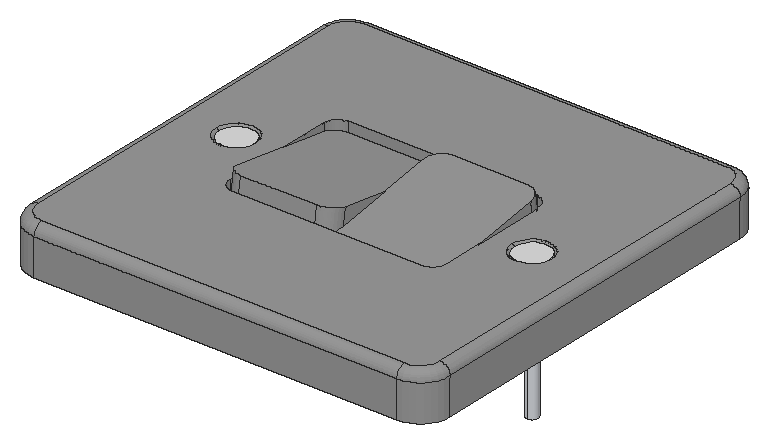
Revit family "ElectricalFixture_WiringAccessories_Hager_Sollyster_WMPS22W", category Lighting Fixtures, host Face, Revit 2015
Parameters (values of type "WMPS22W")
  Warranty ID = ""
  Voltage (Volts) = "230V/240V"
  Unique Reference = "WMPS22W"
  Type = "ElectricalFixture"
  Technical Description = Description  # "10AX2Gang2WayWallSwitchWideRocker"
  Switch = yes
  Supply Phase = "1"
  Size = ""
  Shipping Weight kg = "0.188"
  Shape = "Rectangular"
  Reference Standard = "BS 1363-2"
  Product URL = "http://www.hager.co.uk/product-catalogue/wiring-accessories/sollysta/white-moulded/white-moulded-sockets/58428.htm"
  Product Range = "Sollysta"
  Product Model Number = "WMPS22W"
  Product Literature = "http://www.hager.co.uk/product-catalogue/wiring-accessories/sollysta/38662.htm"
  Product Group = "WiringAccessories"
  Product Family = "WhiteMouldedSockets_10AXWallSwitches"
  Packaging Recyclable = yes
  Overall Width = Overall Length  # 86.0 mm
  Overall Length = 86.0 mm
  Overall Height = 86.0 mm
  Overall Depth = 26.07 mm
  Operation and Maintenance Manual = ""
  Name = "WhiteMouldedSocket_10AXWallSwitch_WMPS22W"
  Measurement Units = "mm"
  Material = Urea Formaldehyde Thermoset Plastic
  Manufacturer Website = "http://www.hager.co.uk/"
  Manufacturer Country = "United Kingdom"
  Manufacturer = "Hager"
  LED Indicator Switch = no
  Gross Weight kg = "0.165"
  Frequency = "50/60Hz"
  Finish = "Gloss"
  Features = Description  # "10AX2Gang2WayWallSwitchWideRocker"
  Extrusion From Wall = 11.921 mm
  Expected Life = "25 years"
  EAN Code = "5015652261742"
  Design Country = "China"
  Description = "10AX2Gang2WayWallSwitchWideRocker"
  Default Elevation = 1219.2 mm
  Colour = "SollystaWhite"
  CE Approval = yes
Reference planes
  plane 1 "Center (Front/Back)": y = 0
  plane 2: z = 0
  plane 3 "Center (Left/Right)": x = 0
  plane 4: y = -43
  plane 5: y = 43
  plane 6: x = -137
  plane 7: x = -51
  plane 8: z = 9.47
  plane 9: z = -16.6
  plane 10: z = 11.921
  plane 11: y = -471.393
  plane 12: z = -20.53
  plane 13: x = -124.15
  plane 14: x = -63.85
  plane 15: x = -93.992
Forms (mm)
  Extrusion 1, solid, material "Urea Formaldehyde Thermoset Plastic", detail levels fine
    sketch origin (0, 0, 0) x (1, 0, 0) y (0, 1, 0)
      loop
        arc (-137, -37.005) -> (-135.244, -41.244) -> (-131.005, -43) r 5.995
        line (-131.005, -43) -> (-57.017, -43)
        arc (-57.017, -43) -> (-52.762, -41.238) -> (-51, -36.983) r 6.017
        line (-51, -36.983) -> (-51, 37.035)
        arc (-51, 37.035) -> (-52.747, 41.253) -> (-56.965, 43) r 5.965
        line (-56.965, 43) -> (-131.018, 43)
        arc (-131.018, 43) -> (-135.248, 41.248) -> (-137, 37.018) r 5.982
        line (-137, 37.018) -> (-137, -37.005)
      loop
        circle (-124.15, 0) r 3.228
      loop
        circle (-63.85, 0) r 3.228
      loop
        line (-113.306, -14.576) -> (-74.678, -14.576)
        arc (-74.678, -14.576) -> (-72.773, -13.786) -> (-71.984, -11.881) r 2.694
        line (-71.984, -11.881) -> (-71.984, 12.001)
        arc (-71.984, 12.001) -> (-72.785, 13.935) -> (-74.719, 14.736) r 2.735
        line (-74.719, 14.736) -> (-113.265, 14.736)
        arc (-113.265, 14.736) -> (-115.199, 13.935) -> (-116, 12.001) r 2.735
        line (-116, 12.001) -> (-116, -11.881)
        arc (-116, -11.881) -> (-115.211, -13.786) -> (-113.306, -14.576) r 2.694
    from 0 to 9.47
  Sweep 2, void
    path origin (0, 0, 0) x (1, 0, 0) y (0, 1, 0)
      loop
        line (-137, 37.018) -> (-137, -37.005)
        arc (-137, -37.005) -> (-135.244, -41.244) -> (-131.005, -43) r 5.995
        line (-131.005, -43) -> (-57.017, -43)
        arc (-57.017, -43) -> (-52.762, -41.238) -> (-51, -36.983) r 6.017
        line (-51, -36.983) -> (-51, 37.035)
        arc (-51, 37.035) -> (-52.747, 41.253) -> (-56.965, 43) r 5.965
        line (-56.965, 43) -> (-131.018, 43)
        arc (-131.018, 43) -> (-135.248, 41.248) -> (-137, 37.018) r 5.982
    profile origin (-137, 0.007, 0) x (1, 0, 0) y (0, 0, 1)
      loop
        line (0, 9.47) -> (0, 7.462)
        arc (0, 7.462) -> (0.588, 8.882) -> (2.008, 9.47) r 2.008
        line (2.008, 9.47) -> (0, 9.47)
  Sweep 3, void
    path origin (0, 0, 0) x (1, 0, 0) y (0, 1, 0)
      loop
        circle (-63.85, 0) r 3.228
    profile origin (-63.85, 3.228, 0) x (0, -1, 0) y (0, 0, 1)
      loop
        line (0, 9.47) -> (-0.814, 9.47)
        arc (-0.814, 9.47) -> (-0.347, 9.123) -> (0, 8.656) r 2
        line (0, 8.656) -> (0, 9.47)
  Sweep 4, void
    path origin (0, 0, 0) x (1, 0, 0) y (0, 1, 0)
      loop
        circle (-124.15, 0) r 3.228
    profile origin (-124.15, 3.228, 0) x (0, 1, 0) y (0, 0, 1)
      loop
        line (0, 9.47) -> (0, 8.656)
        arc (0, 8.656) -> (0.346, 9.124) -> (0.814, 9.47) r 1.964
        line (0.814, 9.47) -> (0, 9.47)
  Extrusion 5, solid, material "Steel, Chrome Plated", detail levels fine
    sketch origin (0, 0, 0) x (1, 0, 0) y (0, 1, 0)
      loop
        circle (-124.15, 0) r 3.542
    from -1.167 to 9.196
  Extrusion 6, solid, material "Steel, Chrome Plated", detail levels fine
    sketch origin (0, 0, 0) x (-1, 0, 0) y (0, -1, 0)
      loop
        circle (63.85, 0) r 3.542
    from -1.167 to 9.196
  Extrusion 7, solid, material "Urea Formaldehyde Thermoset Plastic", detail levels medium
    sketch origin (0, 0, 0) x (1, 0, 0) y (0, 1, 0)
      loop
        line (-137, 43) -> (-137, -43) -> (-51, -43) -> (-51, 43) -> (-137, 43)
    from 0 to 9.47
  Extrusion 8, solid
    sketch origin (-184.307, 0, -1.167) x (0, 1, 0) y (-1, 0, 0)
      loop
        circle (0, -60.15) r 1.2
    from 0 to 19.363
  Extrusion 9, solid
    sketch origin (0, 0, -1.167) x (0, -1, 0) y (1, 0, 0)
      loop
        circle (0, -63.85) r 1.2
    from 0 to 19.363
  Extrusion 10, solid, material "Urea Formaldehyde Thermoset Plastic", detail levels medium
    sketch origin (0, 0, 0) x (1, 0, 0) y (0, 1, 0)
      loop
        line (-137, -43) -> (-51, -43) -> (-51, 43) -> (-137, 43) -> (-137, -43)
    from 0 to 9.47
  Extrusion 11, solid, material "Urea Formaldehyde Thermoset Plastic", visible <- "Switch", detail levels fine
    sketch origin (-30.815, -20.33, 3.542) x (1, 0, 0) y (0, 0.987688, -0.156434)
      loop
        arc (-85.185, 9.104) -> (-84.25, 6.845) -> (-81.991, 5.91) r 3.194
        line (-81.991, 5.91) -> (-66.447, 5.91)
        arc (-66.447, 5.91) -> (-64.126, 6.871) -> (-63.165, 9.191) r 3.281
        line (-63.165, 9.191) -> (-63.165, 32.07)
        arc (-63.165, 32.07) -> (-64.134, 34.409) -> (-66.474, 35.378) r 3.308
        line (-66.474, 35.378) -> (-72.778, 35.378) -> (-77.654, 35.378) -> (-81.951, 35.378)
        arc (-81.951, 35.378) -> (-84.238, 34.431) -> (-85.185, 32.143) r 3.235
        line (-85.185, 32.143) -> (-85.185, 9.104)
    from 0 to 9.42
  Extrusion 12, solid, material "Urea Formaldehyde Thermoset Plastic", visible <- "Switch", detail levels fine
    sketch origin (-157.149, 20.33, 3.542) x (-1, 0, 0) y (0, -0.987688, -0.156434)
      loop
        arc (-85.166, 9.104) -> (-84.23, 6.845) -> (-81.971, 5.91) r 3.194
        line (-81.971, 5.91) -> (-66.451, 5.91)
        arc (-66.451, 5.91) -> (-64.13, 6.871) -> (-63.169, 9.191) r 3.281
        line (-63.169, 9.191) -> (-63.169, 32.07)
        arc (-63.169, 32.07) -> (-64.138, 34.409) -> (-66.478, 35.378) r 3.308
        line (-66.478, 35.378) -> (-72.778, 35.378) -> (-77.654, 35.378) -> (-81.931, 35.378)
        arc (-81.931, 35.378) -> (-84.218, 34.431) -> (-85.166, 32.143) r 3.235
        line (-85.166, 32.143) -> (-85.166, 9.104)
    from 0 to 9.42
Cuts and joins
  Sweep 2, Sweep 3, Sweep 4 cuts Extrusion 1
Lines and regions (mm)
  symbolic lines, not visible, detail levels coarse
    curve 1: line (73.42, -504.912, 19.451) -> (3.42, -504.912, 19.451)
    curve 2: arc (73.42, -504.912, 19.451) -> (38.42, -504.912, 54.451) -> (3.42, -504.912, 19.451) r 35
    curve 3: circle (38.42, -504.912, 54.451) r 6 normal (0, 1, 0)
    curve 4: line (38.42, -504.912, 54.451) -> (38.42, -504.912, 99.451)
    curve 5: line (38.42, -504.912, 99.451) -> (68.42, -504.912, 99.451)
    curve 6: line (38.42, -504.912, 54.451) -> (10.78, -504.912, 87.391)
    curve 7: line (10.78, -504.912, 87.391) -> (-3.315, -504.912, 75.564)
    curve 8: line (0.509, -504.912, 19.451) -> (-69.491, -504.912, 19.451)
    curve 9: arc (0.509, -504.912, 19.451) -> (-34.491, -504.912, 54.451) -> (-69.491, -504.912, 19.451) r 35
    curve 10: circle (-34.491, -504.912, 54.451) r 6 normal (0, 1, 0)
    curve 11: line (-34.491, -504.912, 54.451) -> (-34.491, -504.912, 99.451)
    curve 12: line (-34.491, -504.912, 99.451) -> (-4.491, -504.912, 99.451)
    curve 13: line (-34.491, -504.912, 54.451) -> (-62.13, -504.912, 87.391)
    curve 14: line (-62.13, -504.912, 87.391) -> (-76.226, -504.912, 75.564)
  model lines, detail levels coarse
    curve 15: line (-137, 43, 0) -> (-51, 43, 0)
    curve 16: line (-137, -43, 0) -> (-137, 43, 0)
    curve 17: line (-51, -43, 0) -> (-137, -43, 0)
    curve 18: line (-51, 43, 0) -> (-51, -43, 0)
    curve 19: arc (-120.108, 0, 0) -> (-124.15, -4.042, 0) -> (-128.192, 0, 0) r 4.042
    curve 20: arc (-128.192, 0, 0) -> (-124.15, 4.042, 0) -> (-120.108, 0, 0) r 4.042
    curve 21: arc (-59.808, 0, 0) -> (-63.85, -4.042, 0) -> (-67.892, 0, 0) r 4.042
    curve 22: arc (-67.892, 0, 0) -> (-63.85, 4.042, 0) -> (-59.808, 0, 0) r 4.042
    curve 23: line (-116, -10.784, 0) -> (-116, 12.337, 0)
    curve 24: arc (-116, 12.337, 0) -> (-114.902, 14.988, 0) -> (-112.251, 16.086, 0) r 3.749
    curve 25: line (-112.251, 16.086, 0) -> (-97.803, 16.086, 0)
    curve 26: arc (-97.803, 16.086, 0) -> (-95.1, 14.967, 0) -> (-93.98, 12.264, 0) r 3.823
    curve 27: line (-93.98, 12.264, 0) -> (-93.98, -10.698, 0)
    curve 28: arc (-93.98, -10.698, 0) -> (-95.092, -13.381, 0) -> (-97.775, -14.493, 0) r 3.795
    curve 29: line (-97.775, -14.493, 0) -> (-112.291, -14.493, 0)
    curve 30: arc (-112.291, -14.493, 0) -> (-114.914, -13.407, 0) -> (-116, -10.784, 0) r 3.709
    curve 31: line (-71.984, -10.784, 0) -> (-71.984, 12.337, 0)
    curve 32: arc (-71.984, 12.337, 0) -> (-73.082, 14.988, 0) -> (-75.733, 16.086, 0) r 3.749
    curve 33: line (-75.733, 16.086, 0) -> (-90.157, 16.086, 0)
    curve 34: arc (-90.157, 16.086, 0) -> (-92.86, 14.967, 0) -> (-93.98, 12.264, 0) r 3.823
    curve 35: line (-93.98, 12.264, 0) -> (-93.98, -10.698, 0)
    curve 36: arc (-93.98, -10.698, 0) -> (-92.868, -13.381, 0) -> (-90.185, -14.493, 0) r 3.795
    curve 37: line (-90.185, -14.493, 0) -> (-75.692, -14.493, 0)
    curve 38: arc (-75.692, -14.493, 0) -> (-73.07, -13.407, 0) -> (-71.984, -10.784, 0) r 3.709
  symbolic lines, detail levels coarse
    curve 39: circle (-48.485, -1209.311, 14.78) r 13.061 normal (0, -1, 0)
    curve 40: line (-61.54, -1209.311, 15.178) -> (-143.751, -1209.311, 15.178)
Dimensions and locks
  plane 10 to plane 9 = 28.521 mm
  plane 8 to plane 9 = 26.07 mm
  plane 2 to plane 9 = 16.6 mm
  "Overall Length": plane 6 to plane 7
  "Overall Height": plane 4 to plane 5
  "Overall Depth": plane 9 to plane 8
  plane 2 to plane 10 = 11.921 mm
  plane 8 to plane 12 = 30.0 mm
  aligned and locked: plane 2 to host face
  aligned and locked: level to host face
  aligned and locked: Extrusion 1 to plane 8
  aligned and locked: Extrusion 7 to plane 8
  aligned and locked: Extrusion 6 to Extrusion 8
  aligned and locked: Extrusion 9 to Extrusion 5
  aligned and locked: plane 12 to Extrusion 9
  aligned and locked: Extrusion 10 to plane 8
  aligned and locked: Extrusion 10 to level
Automatic sketch dimensions
  host sketch curve to host sketch curve = 2438.4 mm  (x2)
  Sweep 2 sketch curve to plane 6 = 0.0 mm
  plane 5 to Sweep 2 sketch curve = 0.0 mm
  plane 4 to Sweep 2 sketch curve = 0.0 mm
  Sweep 2 sketch curve to Sweep 2 sketch curve = 5.982 mm
  plane 6 to Sweep 2 sketch curve = 5.995 mm
  Sweep 2 sketch curve to plane 7 = 6.017 mm
  Sweep 2 sketch curve to plane 7 = 5.965 mm
  plane 7 to Sweep 2 sketch curve = 0.0 mm
  plane 1 "Center (Front/Back)" to Sweep 3 sketch curve = 0.0 mm
  Sweep 3 sketch curve to plane 14 = 0.0 mm
  Sweep 4 sketch curve to Sweep 4 sketch curve = 0.0 mm  (x2)
  plane 1 "Center (Front/Back)" to Sweep 4 sketch curve = 0.0 mm
  Sweep 4 sketch curve to plane 13 = 0.0 mm
  Sweep 4 sketch curve to plane 13 = 3.228 mm
  Extrusion 5 sketch curve to Extrusion 5 sketch curve = 0.0 mm  (x2)
  plane 1 "Center (Front/Back)" to Extrusion 5 sketch curve = 0.0 mm
  Extrusion 5 sketch curve to plane 13 = 0.0 mm
  Extrusion 5 sketch curve to plane 13 = 3.542 mm
  Extrusion 6 sketch curve to Extrusion 6 sketch curve = 0.0 mm  (x2)
  plane 1 "Center (Front/Back)" to Extrusion 6 sketch curve = 0.0 mm
  plane 14 to Extrusion 6 sketch curve = 0.0 mm
  Extrusion 6 sketch curve to plane 14 = 3.542 mm
  plane 4 to Extrusion 7 sketch curve = 0.0 mm
  Extrusion 7 sketch curve to plane 6 = 0.0 mm
  Extrusion 7 sketch curve to plane 7 = 0.0 mm
  plane 5 to Extrusion 7 sketch curve = 0.0 mm
  plane 5 to Extrusion 10 sketch curve = 0.0 mm
  Extrusion 10 sketch curve to plane 6 = 0.0 mm
  Extrusion 10 sketch curve to plane 7 = 0.0 mm
  plane 4 to Extrusion 10 sketch curve = 0.0 mm
  curve 19 to curve 20 = 0.0 mm  (x2)
  curve 21 to curve 22 = 0.0 mm  (x2)
  plane 4 to curve 17 = 0.0 mm
  curve 17 to plane 6 = 0.0 mm
  plane 1 "Center (Front/Back)" to curve 19 = 0.0 mm
  curve 20 to plane 13 = 0.0 mm
  plane 1 "Center (Front/Back)" to curve 21 = 0.0 mm
  curve 22 to plane 14 = 0.0 mm
  curve 17 to plane 7 = 0.0 mm
  plane 5 to curve 16 = 0.0 mm
  curve 19 to plane 13 = 4.042 mm
  curve 21 to curve 21 = 4.042 mm
  plane 13 to Extrusion 11 sketch curve = 8.15 mm
  Extrusion 11 sketch curve to Extrusion 11 sketch curve = 3.194 mm
  Extrusion 11 sketch curve to Extrusion 11 sketch curve = 3.235 mm
  Extrusion 11 sketch curve to Extrusion 11 sketch curve = 4.297 mm
  Extrusion 11 sketch curve to Extrusion 11 sketch curve = 4.875 mm
  Extrusion 11 sketch curve to Extrusion 11 sketch curve = 6.305 mm
  Extrusion 11 sketch curve to Extrusion 11 sketch curve = 15.544 mm
  Extrusion 11 sketch curve to Extrusion 11 sketch curve = 3.281 mm
  Extrusion 11 sketch curve to Extrusion 11 sketch curve = 22.879 mm
  Extrusion 12 sketch curve to plane 14 = 8.134 mm
  Extrusion 12 sketch curve to Extrusion 12 sketch curve = 3.194 mm
  Extrusion 12 sketch curve to Extrusion 12 sketch curve = 3.235 mm
  Extrusion 12 sketch curve to Extrusion 12 sketch curve = 4.277 mm
  Extrusion 12 sketch curve to Extrusion 12 sketch curve = 4.875 mm
  Extrusion 12 sketch curve to Extrusion 12 sketch curve = 6.301 mm
  Extrusion 12 sketch curve to Extrusion 12 sketch curve = 15.521 mm
  Extrusion 12 sketch curve to Extrusion 12 sketch curve = 3.281 mm
  Extrusion 12 sketch curve to Extrusion 12 sketch curve = 22.879 mm
  profile plane to Sweep 2 sketch curve = 0.0 mm
  Sweep 2 sketch curve to Sweep 2 sketch curve = 2.008 mm
  level to Sweep 2 sketch curve = 7.462 mm
  Sweep 3 sketch curve to profile plane = 0.0 mm
  Sweep 3 sketch curve to Sweep 3 sketch curve = 0.814 mm
  profile plane to Sweep 3 sketch curve = 1.761 mm
  level to Sweep 3 sketch curve = 7.709 mm
  Sweep 3 sketch curve to Sweep 3 sketch curve = 0.947 mm
  Sweep 4 sketch curve to profile plane = 0.0 mm
  Sweep 4 sketch curve to profile plane = 0.814 mm
  Sweep 4 sketch curve to profile plane = 1.735 mm
  level to Sweep 4 sketch curve = 7.735 mm
  Sweep 4 sketch curve to Sweep 4 sketch curve = 0.921 mm
  plane 13 to curve 23 = 8.15 mm
  curve 23 to curve 30 = 3.709 mm
  curve 24 to curve 25 = 3.749 mm
  curve 24 to curve 25 = 14.448 mm
  plane 1 "Center (Front/Back)" to curve 28 = 10.698 mm
  curve 30 to curve 28 = 14.516 mm
  curve 28 to curve 27 = 3.795 mm
  curve 27 to curve 37 = 3.795 mm
  curve 27 to curve 33 = 3.823 mm
  curve 33 to plane 14 = 11.883 mm
  curve 38 to plane 14 = 11.842 mm
  curve 38 to curve 31 = 3.709 mm
  curve 35 to plane 1 "Center (Front/Back)" = 12.264 mm
  Extrusion 1 sketch curve to plane 6 = 0.0 mm
  plane 5 to Extrusion 1 sketch curve = 0.0 mm
  plane 4 to Extrusion 1 sketch curve = 0.0 mm
  plane 1 "Center (Front/Back)" to Extrusion 1 sketch curve = 0.0 mm  (x2)
  Extrusion 1 sketch curve to plane 13 = 0.0 mm
  Extrusion 1 sketch curve to plane 14 = 0.0 mm
  plane 6 to Extrusion 1 sketch curve = 5.982 mm
  plane 6 to Extrusion 1 sketch curve = 5.995 mm
  plane 13 to Extrusion 1 sketch curve = 8.15 mm
  Extrusion 1 sketch curve to Extrusion 1 sketch curve = 2.694 mm  (x2)
  Extrusion 1 sketch curve to Extrusion 1 sketch curve = 2.735 mm
  Extrusion 1 sketch curve to plane 14 = 10.869 mm
  Extrusion 1 sketch curve to plane 14 = 10.828 mm
  Extrusion 1 sketch curve to plane 7 = 6.017 mm
  Extrusion 1 sketch curve to plane 7 = 5.965 mm
  plane 7 to Extrusion 1 sketch curve = 0.0 mm
  plane 1 "Center (Front/Back)" to Extrusion 1 sketch curve = 14.576 mm
  Extrusion 1 sketch curve to plane 1 "Center (Front/Back)" = 12.001 mm
  plane 7 to curve 39 = 2.515 mm
  curve 39 to plane 10 = 2.86 mm
  plane 14 to curve 40 = 2.31 mm
  curve 40 to plane 10 = 3.257 mm
  curve 40 to plane 6 = 6.751 mm
  radius of Sweep 3 sketch curve = 3.228 mm
  radius of Extrusion 8 sketch curve = 1.2 mm
  radius of Extrusion 9 sketch curve = 1.2 mm
  radius of Extrusion 1 sketch curve = 3.228 mm  (x2)
Connectors
  electrical at (-94.001, 0.008, 0)
    settings: on cut or joined group of Extrusion 1, Sweep 2, Sweep 3, Sweep 4, index 1, voltage 230 V, apparent load 0 VA, apparent load phase1 0 VA, apparent load phase2 0 VA, apparent load phase3 0 VA, power factor 1, load classification "Other", number of poles 1, system type 31, power factor state 1, is connector primary yes, connector utility no, sub classification motor no, connector description ""
